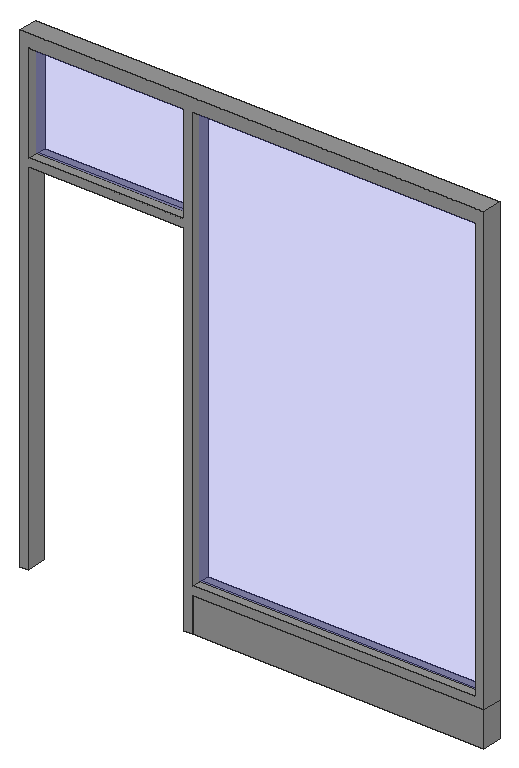
Revit family "Window W7", category Windows, host Wall, Revit 2025
Family settings
  Host = Wall
  OmniClass Number = 23.30.20.00
  OmniClass Title = Windows
  Always vertical = Yes
  Cut with Voids When Loaded = No
  Shared = No
  Room Calculation Point = No
Parameters
  Height = 48.000"
  Glass Width = 0.500"
  Glass Material = Glass
  Frame Size = 2.000"
  Frame Material = Laminate, Black
  Default Sill Height = 36.000"
  Wall Closure = By host
  Width = 4.500"
Reference planes (in)
  plane 1 "Center (Front/Back)": y = 0
  plane 2: z = 0
  plane 3 "Center (Left/Right)": x = 0
  plane 4 "Sill": z = 0
  plane 5: y = 2.25
  plane 6: y = -2.25
  plane 7: y = 0.25
  plane 8: y = -0.25
Forms (in)
  Extrusion 1, solid, material "Laminate, Black" <- "Frame Material"
    sketch origin (0, 0, 0) x (1, 0, 0) y (0, 0, 1)
      loop
        line (69, 112) -> (-39.14823, 112) -> (-39.14823, 0) -> (-37.14823, 0) -> (-37.14823, 84) -> (-1, 84) -> (-1, 0) -> (1, 0) -> (1, 8) -> (69, 8) -> (69, 112)
      loop
        line (67, 109) -> (1, 109) -> (1, 10) -> (67, 10) -> (67, 109)
      loop
        line (-1, 109) -> (-37, 109) -> (-37, 86) -> (-1, 86) -> (-1, 109)
    from -2.25 to 2.25
  Extrusion 2, solid, material "Glass" <- "Glass Material"
    sketch origin (0, 0, 0) x (1, 0, 0) y (0, 0, 1)
      loop
        line (67, 109) -> (1, 109) -> (1, 10) -> (67, 10) -> (67, 109)
      loop
        line (-1, 109) -> (-37, 109) -> (-37, 86) -> (-1, 86) -> (-1, 109)
    from -0.25 to 0.25
  Extrusion 3, solid, material "Laminate, Black" <- "Frame Material"
    sketch origin (0, 0, 0) x (1, 0, 0) y (0, 0, 1)
      loop
        line (69, 8) -> (1, 8) -> (1, 0) -> (69, 0) -> (69, 8)
    from -2.25 to 2.25
Lines and regions (in)
  Opening 1
    outline origin (-60, -7, 0) x (1, 0, 0) y (0, 0, 1)
      loop
        line (20.85177, 112) -> (20.85177, 0) -> (129, 0) -> (129, 112) -> (20.85177, 112)
Text (in)
  text "EXTERIOR" at (-58.6888, 50.90694, 0), in view "Ref. Level"
  text "INTERIOR" at (-58.6888, -37.76638, 0), in view "Ref. Level"
  text "Exterior" at (0, 43.65631, 123.19604), in view "Left"
  text "Exterior" at (0, 18.29385, 125.04747), in view "Right"
Dimensions and locks (in)
  equal spacing: host wall, plane 1 "Center (Front/Back)", host wall
  Extrusion 1 sketch curve to Extrusion 1 sketch curve = 66.000"
  "Frame Size": Extrusion 1 sketch curve to Extrusion 1 sketch curve  (x5)
  Extrusion 1 sketch curve to Extrusion 1 sketch curve = 99.000"
  Extrusion 1 sketch curve to Extrusion 1 sketch curve = 3.000"
  equal spacing: Extrusion 1 sketch curve, plane 3 "Center (Left/Right)", Extrusion 1 sketch curve
  Extrusion 1 sketch curve to Extrusion 1 sketch curve = 36.000"
  Extrusion 1 sketch curve to Extrusion 1 sketch curve = 23.000"
  Extrusion 1 sketch curve to Extrusion 1 sketch curve = 8.000"
  equal spacing: plane 5, plane 1 "Center (Front/Back)", plane 6
  "Width": plane 5 to plane 6
  equal spacing: plane 7, plane 1 "Center (Front/Back)", plane 8
  "Glass Width": plane 7 to plane 8
  aligned and locked: level to plane 2
  aligned and locked: Extrusion 1 sketch curve to Extrusion 1 sketch curve
  aligned and locked: Extrusion 1 to Opening 1 sketch curve  (x2)
  aligned and locked: Opening 1 sketch curve to Extrusion 1
  aligned and locked: plane 5 to Extrusion 1
  aligned and locked: Extrusion 1 to plane 6
  aligned and locked: Extrusion 1 to Extrusion 2 sketch curve  (x2)
  aligned and locked: Extrusion 2 sketch curve to Extrusion 1  (x6)
  aligned and locked: plane 7 to Extrusion 2
  aligned and locked: Extrusion 2 to plane 8
  aligned and locked: plane 5 to Extrusion 3
  aligned and locked: Extrusion 3 to plane 6
Automatic sketch dimensions
  Opening 1 sketch curve to plane 4 "Sill" = 0.000"
  Extrusion 1 sketch curve to level = 0.000"  (x2)
  Extrusion 1 sketch curve to Extrusion 1 sketch curve = 0.14823"
  Extrusion 1 sketch curve to plane 3 "Center (Left/Right)" = 1.000"
  plane 3 "Center (Left/Right)" to Extrusion 1 sketch curve = 1.000"
  Extrusion 3 sketch curve to level = 0.000"
  plane 3 "Center (Left/Right)" to Extrusion 3 sketch curve = 1.000"
  Extrusion 3 sketch curve to Extrusion 3 sketch curve = 68.000"
  level to Extrusion 3 sketch curve = 8.000"
